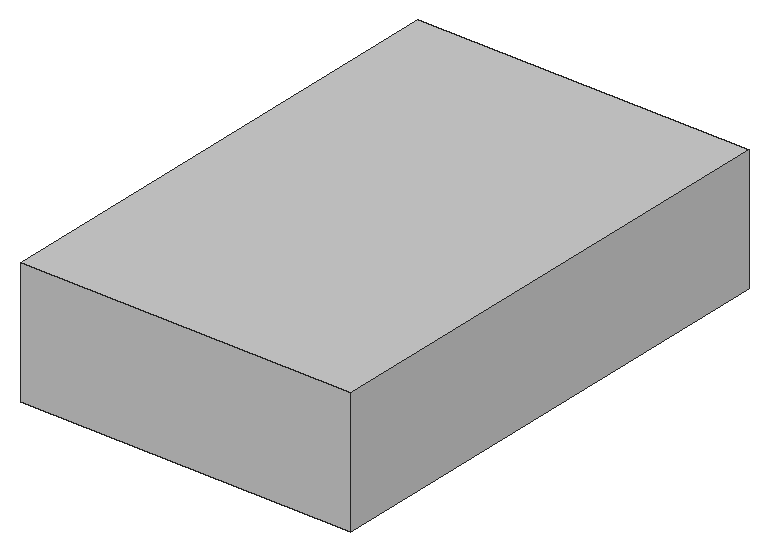
Revit family "M_Sapata-Retangular", category Fundações estruturais, Revit 2019
Family settings
  Material para o comportamento do modelo = Outros
  Cap = Não
  Número OmniClass = 23.25.05.17
  Título OmniClass = Shallow Foundations
  ID de item do Seek = Footing-Rectangular-0000-CAN-ENU
  Com base no plano de trabalho = Não
  Sempre na vertical = Sim
  Corte com vazios quando carregada = Não
  Compartilhado = Não
Parameters (values of type "1800 x 1200 x 450mm")
  Largura = 1200 mm
  Structural Material [instance] = Concreto, Moldado no local - Cinza
  Comprimento = 1800 mm
  Espessura da fundação = 450 mm
  Assembly Code = ""
Types (3, lengths in mm): name | Largura | Comprimento
  (no name) | 1200 | 1800
  1800 x 1200 x 450mm | 1200 | 1800
  2400 x 1800 x 450mm | 1800 | 2400
Reference planes
  plane 1 "Centro (Frente/Trás)": y = 0
  plane 2: z = 0
  plane 3 "Centro (Esquerda/Direita)": x = 0
  plane 4: x = -600
  plane 5: x = 600
  plane 6: y = 900
  plane 7: y = -900
Forms (mm)
  Extrusion 1, solid, material "Concreto, Moldado no local - Cinza" <- "Structural Material"
    sketch origin (0, 0, 0) x (1, 0, 0) y (0, 1, 0)
      loop
        line (-600, 900) -> (-600, -900) -> (600, -900) -> (600, 900) -> (-600, 900)
    from -450 to 0
Dimensions and locks
  "Espessura da fundação": plane 2 to Extrusion 1
  "Largura": plane 4 to plane 5
  "Comprimento": plane 6 to plane 7
  equal spacing: plane 6, plane 1 "Centro (Frente/Trás)", plane 7
  equal spacing: plane 4, plane 3 "Centro (Esquerda/Direita)", plane 5
  aligned and locked: plane 4 to Extrusion 1 sketch curve
  aligned and locked: Extrusion 1 sketch curve to plane 5
  aligned and locked: Extrusion 1 sketch curve to plane 6
  aligned and locked: plane 7 to Extrusion 1 sketch curve
  aligned and locked: level to Extrusion 1
